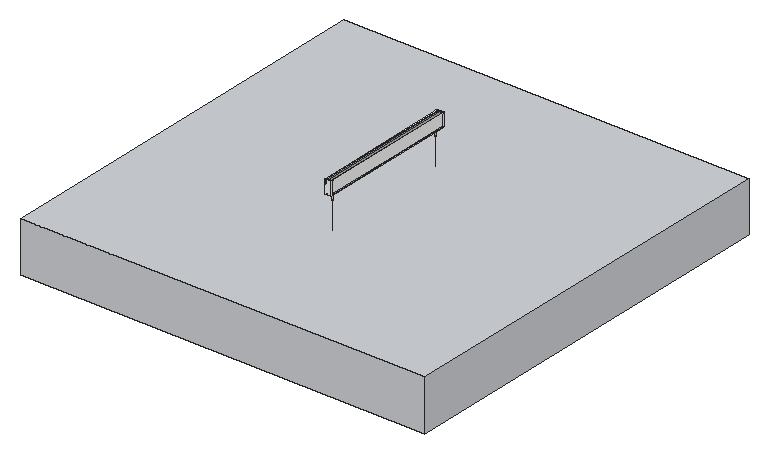
Revit family "LAMP_FIL 35 2240MM D-I OPAL", category Luminarias, Revit 2018
Family settings
  Anfitrión = Cara
  Cota de conector redondo = Diámetro de uso
  Tipo de pieza = Normal
  Corte con vacíos al cargar = No
  Origen de luz = Sí
  Compartido = No
  Punto de cálculo de habitación = No
Parameters (values of type "4531LM 3000K  BLACK")
  Ángulo de inclinación = -90.00°
  Weight = 4.45 kg
  Wattage = 25.02 W
  Type = "MID POWER TRIDONIC"
  built-in parameter 1150107 = 3000 (stored number, unit not read)
  NOT COVER 2 [instance] = not(END COVER 2)  # no
  NOT COVER 1 [instance] = not(END COVER 1)  # no
  Indirect light = LAMP_FIL 35 2240MM D-I OPAL_I : 3000K
  END COVER 2 [instance] = yes
  END COVER 1 [instance] = yes
  Suspension distance [instance] = if(Suspension > 4000 mm, 4000 mm, if(Suspension < 1 mm, 1 mm, Suspension))  # 200 mm
  Suspension [instance] = 200 mm
  built-in parameter 1150110 = 1 (stored number, unit not read)
  built-in parameter 1150109 = 1 (stored number, unit not read)
  built-in parameter 1150112 = 1 (stored number, unit not read)
  built-in parameter 1150113 = 1 (stored number, unit not read)
  built-in parameter 1114218 = 1 (stored number, unit not read)
  Protection rating = "IP20 / IK07"
  Product datasheet = "http://www.lamp.es/product-files/TECH/F31SF224LOIO830NB-EN.pdf"
  Product code = "F31SF224LOIO830NB"
  Product URL = "https://www.lamp.es/en/family/fil-35_413911"
  Power Supply = "220-240V 50/60Hz"
  Power = 36 W
  Plum = 41.7 W
  Photobiological risk = ""
  built-in parameter 1150137 = (empty or 0)
  built-in parameter 1150132 = 2
  Modelo = Product code  # "F31SF224LOIO830NB"
  Model Explanation = ""
  Material suspension = LAMP_Acero genérico
  Material perfil = LAMP_Aluminio Perfil Fil NG
  Material difusor = LAMP_PC Difusor Opal Fil
  Manufacturer name = "LAMP"
  Manufacturer country = "Spain"
  Manufacturer URL = "http://www.lamp.es/en"
  MacAdam = "3"
  Longitud de línea de emisión = 840 mm
  Last update = "14/05/2021"
  Lamp = "MID-POWER LED"
  LED Lifetime = "50.000 L90 B10"
  built-in parameter 1150105 = 216.42 (stored number, unit not read)
  built-in parameter 1150102 = (empty or 0)
  Insulation class = "I"
  Installation instructions = "https://www.lamp.es/product-files/INS/1004590-A%20INSTR.%20FIL35.pdf"
  built-in parameter 1150106 = 2.1642 (stored number, unit not read)
  IEE = "A+"
  Gear = "Electronic"
  Lumens = 2719.67 lm
  Finish = "Matte black RAL 9011"
  Color Filter = 16777215
  built-in parameter 1114217 = 1 (stored number, unit not read)
  built-in parameter 1150139 = (empty or 0)
  Fabricante = Manufacturer name  # "LAMP"
  Default Elevation = 1219.2 mm
  built-in parameter 1150104 = 10.099 (stored number, unit not read)
  Efficacy = 108.7 lm/W
  Dimensions = "2240x35x80"
  Descripción = "FIL35 SUR 2240 6200 WW D/I OPAL BK."
  built-in parameter 1150115 = 1 (stored number, unit not read)
  built-in parameter 1150114 = 1 (stored number, unit not read)
  built-in parameter 1150138 = (empty or 0)
  built-in parameter 1150134 = 3
  Dimming Lamp Color Temperature Shift = (empty or 0)
  CRI = "80"
  Archivo de red fotométrica = "F31SF224LOIO830NB_D.IES"
  built-in parameter 1150133 = 10 (stored number, unit not read)
Types (12, lengths in mm): name | built-in parameter 1150107 | Indirect light | Product datasheet | Product code | Modelo | Material perfil | built-in parameter 1150105 | built-in parameter 1150106 | Lumens | Finish | built-in parameter 1150104 | Efficacy | Descripción | Archivo de red fotométrica
  4531LM 3000K DALI BLACK | 3000 (stored number, unit not read) | LAMP_FIL 35 2240MM D-I OPAL_I : 3000K | "http://www.lamp.es/product-files/TECH/F31SF224LOIO830DB-EN.pdf" | "F31SF224LOIO830DB" | "F31SF224LOIO830DB" | LAMP_Aluminio Perfil Fil NG | 216.42 (stored number, unit not read) | 2.1642 (stored number, unit not read) | 2719.67 lm | "Matte black RAL 9011" | 10.099 (stored number, unit not read) | 108.7 lm/W | "FIL35 SUR 2240 3200 WW D/I OPAL DALI BK." | "F31SF224LOIO830NB_D.IES"
  4531LM 3000K DALI GREY | 3000 (stored number, unit not read) | LAMP_FIL 35 2240MM D-I OPAL_I : 3000K | "http://www.lamp.es/product-files/TECH/F31SF224LOIO830DG-EN.pdf" | "F31SF224LOIO830DG" | "F31SF224LOIO830DG" | LAMP_Aluminio Perfil Fil GR | 216.42 (stored number, unit not read) | 2.1642 (stored number, unit not read) | 2719.67 lm | "Gloss grey" | 10.099 (stored number, unit not read) | 108.7 lm/W | "FIL35 SUR 2240 3200 WW D/I OPAL DALI GR." | "F31SF224LOIO830NB_D.IES"
  4531LM 3000K DALI WHITE | 3000 (stored number, unit not read) | LAMP_FIL 35 2240MM D-I OPAL_I : 3000K | "http://www.lamp.es/product-files/TECH/F31SF224LOIO830DW-EN.pdf" | "F31SF224LOIO830DW" | "F31SF224LOIO830DW" | LAMP_Aluminio Perfil Fil BL | 216.42 (stored number, unit not read) | 2.1642 (stored number, unit not read) | 2719.67 lm | "Matte white RAL 9010" | 10.099 (stored number, unit not read) | 108.7 lm/W | "FIL35 SUR 2240 3200 WW D/I OPAL DALI WH." | "F31SF224LOIO830NB_D.IES"
  4531LM 3000K  BLACK | 3000 (stored number, unit not read) | LAMP_FIL 35 2240MM D-I OPAL_I : 3000K | "http://www.lamp.es/product-files/TECH/F31SF224LOIO830NB-EN.pdf" | "F31SF224LOIO830NB" | "F31SF224LOIO830NB" | LAMP_Aluminio Perfil Fil NG | 216.42 (stored number, unit not read) | 2.1642 (stored number, unit not read) | 2719.67 lm | "Matte black RAL 9011" | 10.099 (stored number, unit not read) | 108.7 lm/W | "FIL35 SUR 2240 6200 WW D/I OPAL BK." | "F31SF224LOIO830NB_D.IES"
  4531LM 3000K  GREY | 3000 (stored number, unit not read) | LAMP_FIL 35 2240MM D-I OPAL_I : 3000K | "http://www.lamp.es/product-files/TECH/F31SF224LOIO830NG-EN.pdf" | "F31SF224LOIO830NG" | "F31SF224LOIO830NG" | LAMP_Aluminio Perfil Fil GR | 216.42 (stored number, unit not read) | 2.1642 (stored number, unit not read) | 2719.67 lm | "Gloss grey" | 10.099 (stored number, unit not read) | 108.7 lm/W | "FIL35 SUR 2240 3200 WW D/I OPAL GR." | "F31SF224LOIO830NB_D.IES"
  4531LM 3000K  WHITE | 3000 (stored number, unit not read) | LAMP_FIL 35 2240MM D-I OPAL_I : 3000K | "http://www.lamp.es/product-files/TECH/F31SF224LOIO830NW-EN.pdf" | "F31SF224LOIO830NW" | "F31SF224LOIO830NW" | LAMP_Aluminio Perfil Fil BL | 216.42 (stored number, unit not read) | 2.1642 (stored number, unit not read) | 2719.67 lm | "Matte white RAL 9010" | 10.099 (stored number, unit not read) | 108.7 lm/W | "FIL35 SUR 2240 3200 WW D/I OPAL WH." | "F31SF224LOIO830NB_D.IES"
  4774LM 4000K DALI BLACK | 4000 (stored number, unit not read) | LAMP_FIL 35 2240MM D-I OPAL_I : 4000K | "http://www.lamp.es/product-files/TECH/F31SF224LOIO840DB-EN.pdf" | "F31SF224LOIO840DB" | "F31SF224LOIO840DB" | LAMP_Aluminio Perfil Fil NG | 227.97 (stored number, unit not read) | 2.2797 (stored number, unit not read) | 2864.79 lm | "Matte black RAL 9011" | 10.637 (stored number, unit not read) | 114.5 lm/W | "FIL35 SUR 2240 3200 NW D/I OPAL DALI BK." | "F31SF224LOIO840NG_D.IES"
  4774LM 4000K DALI GREY | 4000 (stored number, unit not read) | LAMP_FIL 35 2240MM D-I OPAL_I : 4000K | "http://www.lamp.es/product-files/TECH/F31SF224LOIO840DG-EN.pdf" | "F31SF224LOIO840DG" | "F31SF224LOIO840DG" | LAMP_Aluminio Perfil Fil GR | 227.97 (stored number, unit not read) | 2.2797 (stored number, unit not read) | 2864.79 lm | "Gloss grey" | 10.637 (stored number, unit not read) | 114.5 lm/W | "FIL35 SUR 2240 3200 NW D/I OPAL DALI GR." | "F31SF224LOIO840NG_D.IES"
  4774LM 4000K DALI WHITE | 4000 (stored number, unit not read) | LAMP_FIL 35 2240MM D-I OPAL_I : 4000K | "http://www.lamp.es/product-files/TECH/F31SF224LOIO840DW-EN.pdf" | "F31SF224LOIO840DW" | "F31SF224LOIO840DW" | LAMP_Aluminio Perfil Fil BL | 227.97 (stored number, unit not read) | 2.2797 (stored number, unit not read) | 2864.79 lm | "Matte white RAL 9010" | 10.637 (stored number, unit not read) | 114.5 lm/W | "FIL35 SUR 2240 3200 NW D/I OPAL DALI WH." | "F31SF224LOIO840NG_D.IES"
  4774LM 4000K  BLACK | 4000 (stored number, unit not read) | LAMP_FIL 35 2240MM D-I OPAL_I : 4000K | "http://www.lamp.es/product-files/TECH/F31SF224LOIO840NB-EN.pdf" | "F31SF224LOIO840NB" | "F31SF224LOIO840NB" | LAMP_Aluminio Perfil Fil NG | 227.97 (stored number, unit not read) | 2.2797 (stored number, unit not read) | 2864.79 lm | "Matte black RAL 9011" | 10.637 (stored number, unit not read) | 114.5 lm/W | "FIL35 SUR 2240 3200 NW D/I OPAL BK." | "F31SF224LOIO840NG_D.IES"
  4774LM 4000K  GREY | 4000 (stored number, unit not read) | LAMP_FIL 35 2240MM D-I OPAL_I : 4000K | "http://www.lamp.es/product-files/TECH/F31SF224LOIO840NG-EN.pdf" | "F31SF224LOIO840NG" | "F31SF224LOIO840NG" | LAMP_Aluminio Perfil Fil GR | 227.97 (stored number, unit not read) | 2.2797 (stored number, unit not read) | 2864.79 lm | "Gloss grey" | 10.637 (stored number, unit not read) | 114.5 lm/W | "FIL35 SUR 2240 3200 NW D/I OPAL GR." | "F31SF224LOIO840NG_D.IES"
  4774LM 4000K  WHITE | 4000 (stored number, unit not read) | LAMP_FIL 35 2240MM D-I OPAL_I : 4000K | "http://www.lamp.es/product-files/TECH/F31SF224LOIO840NW-EN.pdf" | "F31SF224LOIO840NW" | "F31SF224LOIO840NW" | LAMP_Aluminio Perfil Fil BL | 227.97 (stored number, unit not read) | 2.2797 (stored number, unit not read) | 2864.79 lm | "Matte white RAL 9010" | 10.637 (stored number, unit not read) | 114.5 lm/W | "FIL35 SUR 2240 3200 NW D/I OPAL WH." | "F31SF224LOIO840NG_D.IES"
Reference planes
  plane 1 "Centro (Frontal/Posterior)": y = 0
  plane 2: z = 0
  plane 3 "Centro (Izquierda/Derecha)": x = 0
Forms (mm)
  Extrusion 1, solid
    sketch origin (0, 0, 0) x (1, 0, 0) y (0, 1, 0)
      loop
        line (-1219.2, 1219.2) -> (-1219.2, -1219.2) -> (1219.2, -1219.2) -> (1219.2, 1219.2) -> (-1219.2, 1219.2)
    from 0 to -304.8
  Extrusion 2, solid, material "LAMP_Aluminio Perfil Fil NG" <- "Material perfil"
    sketch origin (0, 0, 0) x (1, 0, 0) y (0, 0, 1)
      loop
        arc (17.75, 285.7) -> (16.75, 286.7) -> (15.75, 285.7) r 1
        line (15.75, 285.7) -> (15.75, 284.2) -> (13.95, 284.2) -> (13.95, 259) -> (0, 259) -> (-13.95, 259) -> (-13.95, 284.2) -> (-15.75, 284.2) -> (-15.75, 285.7)
        arc (-15.75, 285.7) -> (-16.75, 286.7) -> (-17.75, 285.7) r 1
        line (-17.75, 285.7) -> (-17.75, 206.5) -> (-16.75, 206.5) -> (-16.75, 209.7) -> (-12.5, 209.7) -> (-12.5, 207.7) -> (-14.8, 207.7) -> (-13.6, 206.5) -> (-11, 206.5) -> (-11, 214.5) -> (0, 214.5) -> (11, 214.5) -> (11, 206.5) -> (13.6, 206.5) -> (14.8, 207.7) -> (12.5, 207.7) -> (12.5, 209.7) -> (16.75, 209.7) -> (16.75, 206.5) -> (17.75, 206.5) -> (17.75, 285.7)
    from -420 to 420
  Extrusion 3, solid, material "LAMP_Acero genérico" <- "Material suspension"
    sketch origin (0, 0, 0) x (1, 0, 0) y (0, 0, 1)
      loop
        line (-12.5, 201) -> (-15.291, 208.272) -> (-13.251, 209.7) -> (-14.251, 209.7) -> (-16.291, 208.272) -> (-13.116, 200) -> (0, 200) -> (13.116, 200) -> (16.291, 208.272) -> (14.251, 209.7) -> (13.251, 209.7) -> (15.291, 208.272) -> (12.5, 201) -> (0, 201) -> (-12.5, 201)
    from -400 to -378
  Extrusion 4, solid, material "LAMP_Acero genérico" <- "Material suspension"
    sketch origin (0, -24, 0) x (1, 0, 0) y (0, 1, 0)
      loop
        circle (0, -365) r 5
    from 163.2 to 200
  Extrusion 5, solid, material "LAMP_Acero genérico" <- "Material suspension"
    sketch origin (0, 24, 0) x (1, 0, 0) y (0, 1, 0)
      loop
        circle (0, 365) r 5
    from 163.2 to 200
  Extrusion 6, solid, material "LAMP_Acero genérico" <- "Material suspension"
    sketch origin (0, 0, 0) x (1, 0, 0) y (0, 1, 0)
      loop
        circle (0, -389) r 1
    from 0 to 163.2
  Extrusion 7, solid, material "LAMP_Acero genérico" <- "Material suspension"
    sketch origin (0, 0, 0) x (1, 0, 0) y (0, 1, 0)
      loop
        circle (0, 389) r 1
    from 0 to 163.2
  Extrusion 8, solid, material "LAMP_PC Difusor Opal Fil" <- "Material difusor"
    sketch origin (0, 0, -200) x (1, 0, 0) y (0, 0, 1)
      loop
        line (-15.75, 484.2) -> (0, 484.2) -> (15.75, 484.2) -> (15.75, 486.7) -> (0, 486.7) -> (-15.75, 486.7) -> (-15.75, 484.2)
    from 420 to -420
  Extrusion 9, solid, material "LAMP_Acero genérico" <- "Material suspension"
    sketch origin (0, 0, 0) x (1, 0, 0) y (0, 0, -1)
      loop
        line (-12.5, -201) -> (0, -201) -> (12.5, -201) -> (15.291, -208.272) -> (13.251, -209.7) -> (14.251, -209.7) -> (16.291, -208.272) -> (13.116, -200) -> (0, -200) -> (-13.116, -200) -> (-16.291, -208.272) -> (-14.251, -209.7) -> (-13.251, -209.7) -> (-15.291, -208.272) -> (-12.5, -201)
    from -400 to -378
  Extrusion 10, solid, material "LAMP_PC Difusor Opal Fil" <- "Material difusor"
    sketch origin (0, 0, 0) x (1, 0, 0) y (0, 0, 1)
      loop
        line (-11, 214.5) -> (-11, 206.5) -> (-7.529, 206.5) -> (11, 206.5) -> (11, 214.5) -> (10, 214.5) -> (10, 207.5) -> (-10, 207.5) -> (-10, 214.5) -> (-11, 214.5)
    from 420 to -420
Lines and regions (mm)
  reference lines
    curve 1: line (0, -445.47, 200) -> (0, 544.53, 200)
Text (mm)
  text "Any modification of the parameters and properties of the LAMP BIM models must be executed and validated by the LAMP technical department.\nPhone: +34 93 736 68 00\nE-mail: lamp@lamp.es\n\nLAMP reserves the right to modify the technical specifications of its products." at (3279.264, 5298.162, -2684.539), in view "Preview"
Dimensions and locks
  "Suspension distance": level to curve 1
  locked: Extrusion 4 to Extrusion 4 at 36.8
  locked: Extrusion 5 to Extrusion 5 at 36.8
  aligned and locked: plane 2 to Extrusion 1
  aligned and locked: level to Extrusion 1
  aligned and locked: curve 1 to Extrusion 9
  aligned and locked: curve 1 to Extrusion 3
  aligned and locked: Extrusion 4 to curve 1
  aligned and locked: Extrusion 5 to curve 1
  aligned and locked: Extrusion 6 to Extrusion 4
  aligned and locked: Extrusion 7 to Extrusion 5
  aligned and locked: Extrusion 2 to Extrusion 9
  aligned and locked: Extrusion 10 to Extrusion 2
  aligned and locked: Extrusion 8 to Extrusion 2
  aligned and locked: imposter light to Extrusion 8
  aligned and locked: Extrusion 2 to nested 1
  aligned and locked: nested 2 to Extrusion 2
Automatic sketch dimensions
  Extrusion 1 sketch curve to Extrusion 1 sketch curve = 2438.4 mm  (x2)
  Extrusion 4 sketch curve to plane 3 "Centro (Izquierda/Derecha)" = 0 mm
  plane 1 "Centro (Frontal/Posterior)" to Extrusion 4 sketch curve = 389 mm
  Extrusion 5 sketch curve to plane 3 "Centro (Izquierda/Derecha)" = 0 mm
  plane 1 "Centro (Frontal/Posterior)" to Extrusion 5 sketch curve = 389 mm
  Extrusion 6 sketch curve to plane 3 "Centro (Izquierda/Derecha)" = 0 mm
  plane 1 "Centro (Frontal/Posterior)" to Extrusion 6 sketch curve = 389 mm
  Extrusion 7 sketch curve to plane 3 "Centro (Izquierda/Derecha)" = 0 mm
  plane 1 "Centro (Frontal/Posterior)" to Extrusion 7 sketch curve = 389 mm
  Extrusion 10 sketch curve to plane 3 "Centro (Izquierda/Derecha)" = 11 mm
  Extrusion 10 sketch curve to Extrusion 10 sketch curve = 1 mm  (x3)
  Extrusion 10 sketch curve to Extrusion 10 sketch curve = 2.471 mm
  plane 3 "Centro (Izquierda/Derecha)" to Extrusion 10 sketch curve = 10 mm
  level to Extrusion 10 sketch curve = 206.5 mm
  Extrusion 10 sketch curve to Extrusion 10 sketch curve = 7 mm  (x2)
  Extrusion 2 sketch curve to plane 3 "Centro (Izquierda/Derecha)" = 0 mm  (x2)
  Extrusion 2 sketch curve to Extrusion 2 sketch curve = 11 mm
  Extrusion 2 sketch curve to Extrusion 2 sketch curve = 1.5 mm  (x4)
  Extrusion 2 sketch curve to Extrusion 2 sketch curve = 1.1 mm  (x2)
  Extrusion 2 sketch curve to plane 3 "Centro (Izquierda/Derecha)" = 13.95 mm
  Extrusion 2 sketch curve to Extrusion 2 sketch curve = 1.2 mm  (x4)
  Extrusion 2 sketch curve to Extrusion 2 sketch curve = 1.8 mm  (x2)
  Extrusion 2 sketch curve to Extrusion 2 sketch curve = 1 mm  (x3)
  plane 3 "Centro (Izquierda/Derecha)" to Extrusion 2 sketch curve = 11 mm
  plane 3 "Centro (Izquierda/Derecha)" to Extrusion 2 sketch curve = 13.95 mm
  Extrusion 2 sketch curve to Extrusion 2 sketch curve = 1.95 mm
  level to Extrusion 2 sketch curve = 206.5 mm
  Extrusion 2 sketch curve to Extrusion 2 sketch curve = 0 mm  (x3)
  Extrusion 2 sketch curve to Extrusion 2 sketch curve = 2 mm  (x2)
  Extrusion 2 sketch curve to Extrusion 2 sketch curve = 4.8 mm
  Extrusion 2 sketch curve to Extrusion 2 sketch curve = 44.5 mm
  Extrusion 2 sketch curve to Extrusion 2 sketch curve = 25.2 mm
  Extrusion 2 sketch curve to Extrusion 2 sketch curve = 26.7 mm
  Extrusion 8 sketch curve to plane 3 "Centro (Izquierda/Derecha)" = 0 mm  (x2)
  Extrusion 8 sketch curve to Extrusion 8 sketch curve = 15.75 mm
  plane 3 "Centro (Izquierda/Derecha)" to Extrusion 8 sketch curve = 15.75 mm
  level to Extrusion 8 sketch curve = 284.2 mm
  Extrusion 9 sketch curve to plane 3 "Centro (Izquierda/Derecha)" = 0 mm  (x2)
  Extrusion 9 sketch curve to Extrusion 9 sketch curve = 12.5 mm
  Extrusion 9 sketch curve to Extrusion 9 sketch curve = 0.616 mm  (x2)
  Extrusion 9 sketch curve to Extrusion 9 sketch curve = 0.751 mm  (x2)
  Extrusion 9 sketch curve to Extrusion 9 sketch curve = 1 mm  (x5)
  Extrusion 9 sketch curve to Extrusion 9 sketch curve = 1.04 mm  (x2)
  plane 3 "Centro (Izquierda/Derecha)" to Extrusion 9 sketch curve = 12.5 mm
  level to Extrusion 9 sketch curve = 209.7 mm
  Extrusion 9 sketch curve to Extrusion 9 sketch curve = 0 mm  (x3)
  Extrusion 9 sketch curve to Extrusion 9 sketch curve = 1.428 mm  (x2)
  Extrusion 9 sketch curve to Extrusion 9 sketch curve = 7.272 mm
  Extrusion 3 sketch curve to plane 3 "Centro (Izquierda/Derecha)" = 0 mm  (x2)
  Extrusion 3 sketch curve to Extrusion 3 sketch curve = 12.5 mm
  Extrusion 3 sketch curve to Extrusion 3 sketch curve = 0.616 mm  (x2)
  Extrusion 3 sketch curve to Extrusion 3 sketch curve = 0.751 mm  (x2)
  Extrusion 3 sketch curve to Extrusion 3 sketch curve = 1 mm  (x5)
  Extrusion 3 sketch curve to Extrusion 3 sketch curve = 1.04 mm  (x2)
  plane 3 "Centro (Izquierda/Derecha)" to Extrusion 3 sketch curve = 12.5 mm
  level to Extrusion 3 sketch curve = 200 mm
  Extrusion 3 sketch curve to Extrusion 3 sketch curve = 7.272 mm  (x2)
  Extrusion 3 sketch curve to Extrusion 3 sketch curve = 0 mm  (x2)
  Extrusion 3 sketch curve to Extrusion 3 sketch curve = 1.428 mm  (x2)
  Extrusion 8 sketch curve to Extrusion 8 sketch curve = 2.5 mm
  plane 1 "Centro (Frontal/Posterior)" to curve 1 = 445.47 mm
  curve 1 to plane 1 "Centro (Frontal/Posterior)" = 544.53 mm
  radius of Extrusion 4 sketch curve = 5 mm
  radius of Extrusion 5 sketch curve = 5 mm
  radius of Extrusion 6 sketch curve = 1 mm
  radius of Extrusion 7 sketch curve = 1 mm
Nested families
  nested 1: "LAMP_FIL 35 END COVER SURFACE" at (0, -421.4, 206.5), visible <- "END COVER 1", type "Blanco"
  nested 2: "LAMP_FIL 35 END COVER SURFACE" at (0, 421.4, 206.5), visible <- "END COVER 2", type "Blanco"
  nested 3: "LAMP_FIL 35 2240MM D-I OPAL_I" at (0, -0.002, -1293.5), type "3000K"
Connectors
  electrical at (0, 389, 200)
    settings: on Extrusion 5, index 1, voltage 230 V, apparent load 0 VA, apparent load phase1 0 VA, apparent load phase2 0 VA, apparent load phase3 0 VA, power factor 1, load classification "Otro", number of poles 1, system type 31, power factor state 1, is connector primary yes, connector utility no, sub classification motor no, connector description ""
Definition of nested family "LAMP_FIL 35 END COVER SURFACE"
  Parameters (values of type "Blanco")
    Material tapa = none
  Reference planes
    plane 1 "Centro (Frontal/Posterior)": y = 0
    plane 2: z = 0
    plane 3 "Centro (Izquierda/Derecha)": x = 0
  Forms (mm)
    Extrusion 1, solid, material <- "Material tapa"
      sketch origin (0, 0, 0) x (0, -1, 0) y (0, 0, 1)
        loop
          line (0, 0) -> (1.4, 0) -> (1.4, 80.5) -> (-1.4, 80.5) -> (-1.4, 0) -> (0, 0)
      from -17.8 to 17.8
  Dimensions and locks
    aligned and locked: level to plane 2
Definition of nested family "LAMP_FIL 35 2240MM D-I OPAL_I"
  Parameters (values of type "3000K")
    Tilt Angle = -90.00°
    Wattage = 16.68 W
    built-in parameter 1150110 = 1 (stored number, unit not read)
    built-in parameter 1114217 = 1 (stored number, unit not read)
    built-in parameter 1150109 = 1 (stored number, unit not read)
    built-in parameter 1150134 = (empty or 0)
    built-in parameter 1150113 = 1 (stored number, unit not read)
    Lumens = 1812.45 lm
    built-in parameter 1150115 = 1 (stored number, unit not read)
    built-in parameter 1150105 = 144.23 (stored number, unit not read)
    built-in parameter 1150137 = (empty or 0)
    built-in parameter 1150139 = (empty or 0)
    built-in parameter 1150112 = 1 (stored number, unit not read)
    built-in parameter 1150114 = 1 (stored number, unit not read)
    built-in parameter 1150132 = 2
    built-in parameter 1150102 = (empty or 0)
    built-in parameter 1150138 = (empty or 0)
    built-in parameter 1150107 = 3000 (stored number, unit not read)
    built-in parameter 1150106 = 1.4423 (stored number, unit not read)
    built-in parameter 1150104 = 10.095 (stored number, unit not read)
    Dimming Lamp Color Temperature Shift = (empty or 0)
    Color Filter = 16777215
    built-in parameter 1114218 = 1 (stored number, unit not read)
    Photometric Web File = "F31SF224LOIO830NB_I.IES"
    built-in parameter 1150133 = 10 (stored number, unit not read)
  Types (3, lengths in mm): name | Wattage | built-in parameter 1150134 | Lumens | built-in parameter 1150105 | built-in parameter 1150107 | built-in parameter 1150106 | built-in parameter 1150104 | Photometric Web File
    (no name) | 16.68 W | (empty or 0) | 1812.45 lm | 144.23 (stored number, unit not read) | 3000 (stored number, unit not read) | 1.4423 (stored number, unit not read) | 10.095 (stored number, unit not read) | "F31SF224LOIO830NB_I.IES"
    3000K | 16.68 W | (empty or 0) | 1812.45 lm | 144.23 (stored number, unit not read) | 3000 (stored number, unit not read) | 1.4423 (stored number, unit not read) | 10.095 (stored number, unit not read) | "F31SF224LOIO830NB_I.IES"
    4000K | 16.88 W | 12 | 1932.42 lm | 153.78 (stored number, unit not read) | 4000 (stored number, unit not read) | 1.5378 (stored number, unit not read) | 10.636 (stored number, unit not read) | "F31SF224LOIO840NG_I.IES"
  Reference planes
    plane 1 "Eje de origen de luz (F/P)": y = 0
    plane 2: z = 0
    plane 3 "Eje de origen de luz (I/D)": x = 0
    plane 4 "Elevación de origen de luz": z = 1500
  Dimensions and locks
    aligned and locked: plane 3 "Eje de origen de luz (I/D)" to imposter light
    aligned and locked: plane 1 "Eje de origen de luz (F/P)" to imposter light
    aligned and locked: plane 4 "Elevación de origen de luz" to imposter light
    aligned and locked: level to plane 2
